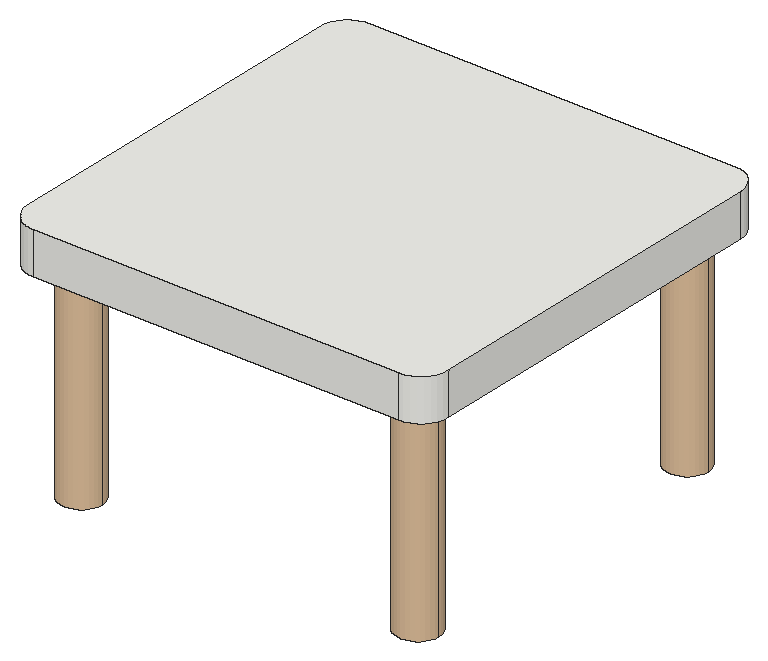
Revit family "rac_basic_sample_family", category Furniture, Revit 2015
Parameters (values of type "0762 x 0762mm")
  Base Material = Wood - Birch
  Height = 457.00 mm
  Length = 762.00 mm
  Top Material = Laminate - Ivory, Matte
  Width = 762.00 mm
Types (4, lengths in mm): name | Height | Length | Width
  (no name) | 457.00 | 762.00 | 762.00
  0610 x 0160mm | 762.00 | 610.00 | 610.00
  0762 x 0762mm | 457.00 | 762.00 | 762.00
  0610 x 0915mm | 762.00 | 610.00 | 915.00
Reference planes
  plane 1: y = 152.4
  plane 2: z = 0
  plane 3 "Left": x = 3.734
  plane 4 "Right": x = 765.734
  plane 5 "Back": y = 533.4
  plane 6 "Front": y = -228.6
  plane 7: x = 384.734
Forms (mm)
  Extrusion 1, solid, material "Laminate - Ivory, Matte" <- "Top Material"
    sketch origin (0, 0, 0) x (1, 0, 0) y (0, 1, 0)
      loop
        line (54.534, -228.6) -> (714.934, -228.6)
        arc (714.934, -228.6) -> (750.855, -213.721) -> (765.734, -177.8) r 50.8
        line (765.734, -177.8) -> (765.734, 482.6)
        arc (765.734, 482.6) -> (750.855, 518.521) -> (714.934, 533.4) r 50.8
        line (714.934, 533.4) -> (54.534, 533.4)
        arc (54.534, 533.4) -> (18.613, 518.521) -> (3.734, 482.6) r 50.8
        line (3.734, 482.6) -> (3.734, -177.8)
        arc (3.734, -177.8) -> (18.613, -213.721) -> (54.534, -228.6) r 50.8
    from 380.8 to 457
  Extrusion 2, solid, material "Wood - Birch" <- "Base Material"
    sketch origin (0, 0, 0) x (1, 0, 0) y (0, 1, 0)
      loop
        circle (79.934, 457.2) r 38.1
      loop
        circle (79.934, -152.4) r 38.1
      loop
        circle (689.534, -152.4) r 38.1
      loop
        circle (689.534, 457.2) r 38.1
    from 0 to 380.8
Lines and regions (mm)
  Masking region 1
    outline origin (0, 0, 0) x (1, 0, 0) y (0, 1, 0)
      loop
        arc (54.534, 533.4) -> (18.613, 518.521) -> (3.734, 482.6) r 50.8
        line (3.734, 482.6) -> (3.734, -177.8)
        arc (3.734, -177.8) -> (18.613, -213.721) -> (54.534, -228.6) r 50.8
        line (54.534, -228.6) -> (714.934, -228.6)
        arc (714.934, -228.6) -> (750.855, -213.721) -> (765.734, -177.8) r 50.8
        line (765.734, -177.8) -> (765.734, 482.6)
        arc (765.734, 482.6) -> (750.855, 518.521) -> (714.934, 533.4) r 50.8
        line (714.934, 533.4) -> (54.534, 533.4)
Dimensions and locks
  locked: Extrusion 1 to Extrusion 1 at 76.2
  "Height": Extrusion 1 to plane 2
  locked: Extrusion 1 to Extrusion 2 sketch curve at 76.2  (x8)
  "Width": plane 5 "Back" to plane 6 "Front"
  "Length": plane 3 "Left" to plane 4 "Right"
  equal spacing: plane 5 "Back", plane 1, plane 6 "Front"
  equal spacing: plane 3 "Left", plane 7, plane 4 "Right"
  radius of Extrusion 1 sketch curve = 50.80 mm  (x4)
  aligned and locked: plane 2 to level
  aligned and locked: plane 6 "Front" to Extrusion 1 sketch curve
  aligned and locked: Extrusion 2 to Extrusion 1
  aligned and locked: Masking region 1 sketch curve to plane 5 "Back"
  aligned and locked: plane 3 "Left" to Masking region 1 sketch curve
  aligned and locked: plane 4 "Right" to Masking region 1 sketch curve
  aligned and locked: Masking region 1 sketch curve to plane 6 "Front"
  aligned: Masking region 1 sketch curve to Extrusion 1
Automatic sketch dimensions
  Extrusion 2 sketch curve to Extrusion 2 sketch curve = 38.10 mm  (x4)
  Extrusion 1 sketch curve to plane 3 "Left" = 0.00 mm
  Extrusion 1 sketch curve to plane 4 "Right" = 0.00 mm
  Extrusion 1 sketch curve to plane 5 "Back" = 0.00 mm
  plane 3 "Left" to Masking region 1 sketch curve = 50.80 mm  (x2)
  plane 4 "Right" to Masking region 1 sketch curve = 50.80 mm  (x2)
